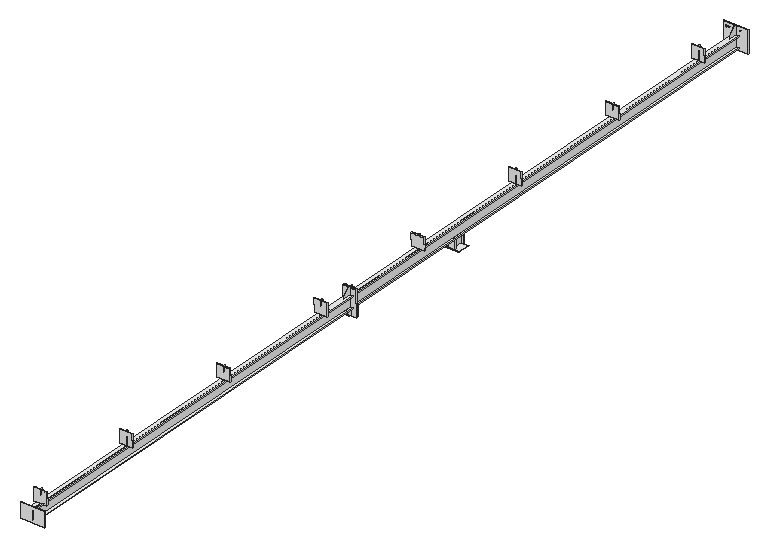
Revit family "STC_A3-Rafter-Type-P", category Structural Framing, Revit 2016
Family settings
  Section Shape = Not Defined
  Material for Model Behavior = Other
  Always export as geometry = No
  Work Plane-Based = No
  Always vertical = Yes
  Cut with Voids When Loaded = No
  Symbolic Representation = From Family
  Shared = No
  Show family pre-cut in plan views = Yes
Reference planes
  plane 1 "Center (Front/Back)": y = 0
  plane 2: z = 0
  plane 3 "Center (Left/Right)": x = 0
Forms (mm)
  Extrusion 1, solid, material "Metal - Steel"
    sketch origin (0, 0, -11.898) x (0, 1, 0) y (0, 0, 1)
      loop
        line (15, 371.607) -> (15, 671.607) -> (5, 671.607) -> (5, 371.607) -> (15, 371.607)
      loop
        line (-12277.5, 33.595) -> (-12287.5, 33.595) -> (-12287.5, -166.405) -> (-12277.5, -166.405) -> (-12277.5, 33.595)
    from -170 to 170
  Extrusion 2, void
    sketch origin (0, -230, 1108.794) x (1, 0, 0) y (0, 0, -1)
      loop
        line (124, 509.794) -> (76, 509.794)
        arc (76, 509.794) -> (65, 498.794) -> (76, 487.794) r 11
        line (76, 487.794) -> (124, 487.794)
        arc (124, 487.794) -> (135, 498.794) -> (124, 509.794) r 11
      loop
        arc (-124, 509.794) -> (-135, 498.794) -> (-124, 487.794) r 11
        line (-124, 487.794) -> (-76, 487.794)
        arc (-76, 487.794) -> (-65, 498.794) -> (-76, 509.794) r 11
        line (-76, 509.794) -> (-124, 509.794)
    from 235 to 245
  Extrusion 3, solid, material "Metal - Steel"
    sketch origin (0, -238.75, -10.424) x (0, 1, 0) y (0, 0, 1)
      loop
        line (-6507.842, 354.651) -> (-6492.139, -5.006) -> (-6482.149, -4.57) -> (-6497.851, 355.087) -> (-6507.842, 354.651)
    from -90 to 90
  Extrusion 4, solid, material "Metal - Steel"
    sketch origin (0, -228.76, -9.988) x (0, 1, 0) y (0, 0, 1)
      loop
        line (-6507.842, 354.651) -> (-6492.139, -5.006) -> (-6482.149, -4.57) -> (-6497.851, 355.087) -> (-6507.842, 354.651)
    from -90 to 90
  Extrusion 5, solid, material "Metal - Steel"
    sketch origin (0, 0, 0) x (0, 1, 0) y (0, 0, 1)
      loop
        line (-6746.592, 344.227) -> (-6766.573, 343.354) -> (-6843.007, 259.941) -> (-6842.135, 239.96) -> (-6742.23, 244.322) -> (-6746.592, 344.227)
      loop
        line (-6726.611, 345.099) -> (-6722.249, 245.194) -> (-6622.344, 249.556) -> (-6623.217, 269.537) -> (-6706.63, 345.972) -> (-6726.611, 345.099)
      loop
        line (-6730.889, -15.431) -> (-6735.251, 84.474) -> (-6835.156, 80.112) -> (-6834.283, 60.131) -> (-6750.87, -16.303) -> (-6730.889, -15.431)
      loop
        line (-6710.908, -14.558) -> (-6690.927, -13.686) -> (-6614.493, 69.728) -> (-6615.365, 89.709) -> (-6715.27, 85.347) -> (-6710.908, -14.558)
      loop
        line (-624.944, 686.575) -> (-644.925, 685.703) -> (-637.291, 510.869) -> (-557.368, 514.359) -> (-558.24, 534.34) -> (-624.944, 686.575)
      loop
        line (-2124.944, 621.084) -> (-2144.925, 620.211) -> (-2137.291, 445.378) -> (-2057.368, 448.868) -> (-2058.24, 468.848) -> (-2124.944, 621.084)
      loop
        line (-3824.987, 546.858) -> (-3844.968, 545.986) -> (-3837.335, 371.152) -> (-3757.411, 374.642) -> (-3758.284, 394.623) -> (-3824.987, 546.858)
      loop
        line (-5525.031, 472.633) -> (-5545.012, 471.76) -> (-5537.379, 296.927) -> (-5457.455, 300.416) -> (-5458.327, 320.397) -> (-5525.031, 472.633)
      loop
        line (-7225.075, 398.407) -> (-7245.056, 397.535) -> (-7237.422, 222.701) -> (-7157.498, 226.191) -> (-7158.371, 246.172) -> (-7225.075, 398.407)
      loop
        line (-8925.118, 324.182) -> (-8945.099, 323.309) -> (-8937.466, 148.476) -> (-8857.542, 151.965) -> (-8858.414, 171.946) -> (-8925.118, 324.182)
      loop
        line (-10625.162, 249.956) -> (-10645.143, 249.084) -> (-10637.51, 74.25) -> (-10557.586, 77.74) -> (-10558.458, 97.721) -> (-10625.162, 249.956)
      loop
        line (-12125.162, 184.465) -> (-12145.143, 183.592) -> (-12137.51, 8.759) -> (-12057.586, 12.249) -> (-12058.458, 32.23) -> (-12125.162, 184.465)
      loop
        line (5, 659.709) -> (-15, 659.709) -> (-95, 554.565) -> (-94.128, 534.584) -> (5, 538.912) -> (5, 659.709)
    from -5 to 5
  Extrusion 6, void
    sketch origin (0, 0, -577.994) x (1, 0, 0) y (0, 0, 1)
      loop
        line (124, 509.794) -> (76, 509.794)
        arc (76, 509.794) -> (65, 498.794) -> (76, 487.794) r 11
        line (76, 487.794) -> (124, 487.794)
        arc (124, 487.794) -> (135, 498.794) -> (124, 509.794) r 11
      loop
        arc (-124, 509.794) -> (-135, 498.794) -> (-124, 487.794) r 11
        line (-124, 487.794) -> (-76, 487.794)
        arc (-76, 487.794) -> (-65, 498.794) -> (-76, 509.794) r 11
        line (-76, 509.794) -> (-124, 509.794)
    from 12277.5 to 12287.5
  Extrusion 7, solid, material "Metal - Steel"
    sketch origin (0, 0, 0) x (0, 1, 0) y (0, 0, 1)
      loop
        line (5, 538.912) -> (-6722.249, 245.194) -> (-6721.926, 237.801) -> (5, 531.505) -> (5, 538.912)
      loop
        line (5, 386.167) -> (-6715.593, 92.74) -> (-6715.27, 85.347) -> (5, 378.76) -> (5, 386.167)
      loop
        line (-12277.5, 2.647) -> (-12277.5, -4.76) -> (-6741.907, 236.929) -> (-6742.23, 244.322) -> (-12277.5, 2.647)
      loop
        line (-12277.5, -150.098) -> (-12277.5, -157.506) -> (-6735.251, 84.474) -> (-6735.574, 91.867) -> (-12277.5, -150.098)
    from -41 to 41
  Extrusion 8, solid, material "Metal - Steel"
    sketch origin (0, 0, 0) x (0, 1, 0) y (0, 0, 1)
      loop
        line (-6721.926, 237.801) -> (-6715.593, 92.74) -> (5, 386.167) -> (5, 531.505) -> (-6721.926, 237.801)
      loop
        line (-6741.907, 236.929) -> (-12277.5, -4.76) -> (-12277.5, -150.098) -> (-6735.574, 91.867) -> (-6741.907, 236.929)
      loop
        line (-4945.1, 162.634) -> (-4945.1, 40) -> (-4799.9, 40) -> (-4799.9, 168.974) -> (-4945.1, 162.634)
    from -2.5 to 2.5
  Extrusion 9, solid, material "Metal - Steel"
    sketch origin (0, 0, -11.898) x (0, 1, 0) y (0, 0, 1)
      loop
        line (-4792.5, 51.898) -> (-4792.5, 181.194) -> (-4799.9, 180.871) -> (-4799.9, 51.898) -> (-4792.5, 51.898)
      loop
        line (-4952.5, 51.898) -> (-4945.1, 51.898) -> (-4945.1, 174.532) -> (-4952.5, 174.208) -> (-4952.5, 51.898)
    from -41 to 41
  Extrusion 10, solid, material "Metal - Steel"
    sketch origin (0, 0, -11.898) x (0, 1, 0) y (0, 0, 1)
      loop
        line (-4787.5, 41.898) -> (-4787.5, 51.898) -> (-4957.5, 51.898) -> (-4957.5, 41.898) -> (-4787.5, 41.898)
    from -100 to 100
  Extrusion 11, solid, material "Metal - Steel"
    sketch origin (0, 0, 0) x (0, 1, 0) y (0, 0, 1)
      loop
        line (-647.282, 510.433) -> (-637.291, 510.869) -> (-644.925, 685.703) -> (-654.915, 685.267) -> (-647.282, 510.433)
      loop
        line (-2147.282, 444.942) -> (-2137.291, 445.378) -> (-2144.925, 620.211) -> (-2154.915, 619.775) -> (-2147.282, 444.942)
      loop
        line (-3847.326, 370.716) -> (-3837.335, 371.152) -> (-3844.968, 545.986) -> (-3854.959, 545.55) -> (-3847.326, 370.716)
      loop
        line (-5547.369, 296.491) -> (-5537.379, 296.927) -> (-5545.012, 471.76) -> (-5555.003, 471.324) -> (-5547.369, 296.491)
      loop
        line (-7247.413, 222.265) -> (-7237.422, 222.701) -> (-7245.056, 397.535) -> (-7255.046, 397.099) -> (-7247.413, 222.265)
      loop
        line (-8947.456, 148.04) -> (-8937.466, 148.476) -> (-8945.099, 323.309) -> (-8955.09, 322.873) -> (-8947.456, 148.04)
      loop
        line (-10647.5, 73.814) -> (-10637.51, 74.25) -> (-10645.143, 249.084) -> (-10655.133, 248.648) -> (-10647.5, 73.814)
      loop
        line (-12147.5, 8.323) -> (-12137.51, 8.759) -> (-12145.143, 183.592) -> (-12155.133, 183.156) -> (-12147.5, 8.323)
    from -90 to 90
Cuts and joins
  Extrusion 2 cuts Extrusion 1
  Extrusion 2 cuts Extrusion 5
  Extrusion 6 cuts Extrusion 7
  Extrusion 6 cuts Extrusion 8
